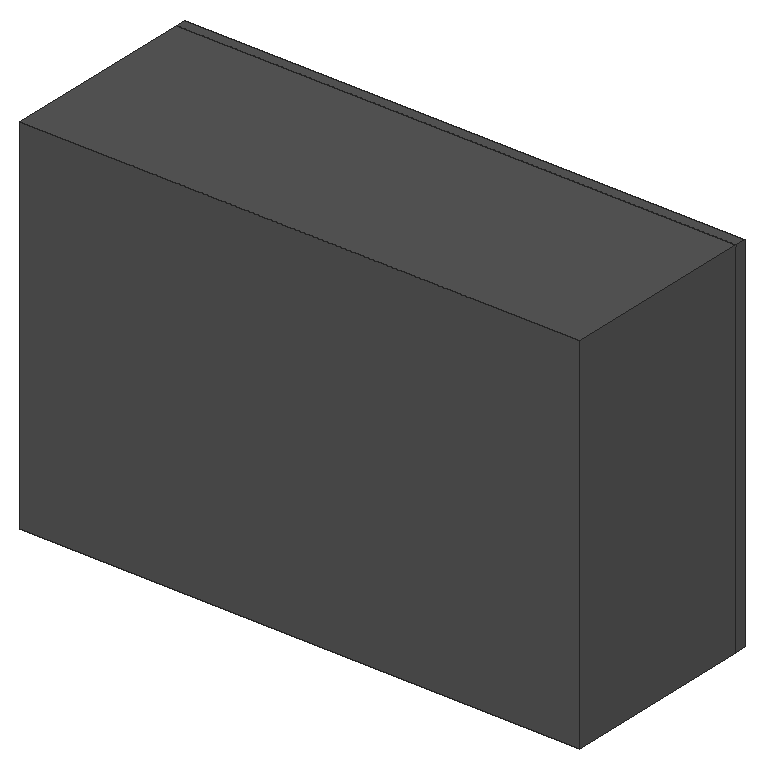
Revit family "ERA_LF_WR_LPR-021", category Осветительные приборы, Revit 2019 (continued)
Types (16, lengths in mm): name | Photometric Web File | Lumens | built-in parameter 1150142 | built-in parameter 1150107 | Emit from Rectangle Width | Emit from Rectangle Length | _УГО_Ширина | _УГО_Длина | _УГО_Диаметр | _Корпус_Ширина | _Корпус_Длина | _Корпус_Высота | URL | ADSK_Размер_Ширина | ADSK_Размер_Длина | ADSK_Полная мощность | ADSK_Номинальная мощность | ADSK_Масса | ADSK_Марка | ADSK_Размер_Высота | ADSK_Обозначение | ADSK_Наименование
  LPR-021-0-65K-020, LED, IP65, 125х75х35 мм (ДхШхВ), 20 Вт, 6500 К, 1160 лм, класс защиты I, в комплекте (линейный ac/dc без гальваничесокй развязки) | "LPR-021-0-65K-020.ies" | 1160 lm | "IESNA:LM-63-1995\r\n[DATA] 28.01.2020\r\n[MANUFAC]??РА\r\n[LUMCAT] \r\n[LUMINAIRE]  LPR-021-0-65K-020 ЭРА\r\n[LAMP] Светодиодный модуль\r\nTILT=NONE\r\n1 1350 1.1601 91 2 1 2 0.136 0.188 0.053\r\n1 1 16.021\r\n0 1 2 3 4 5 6 7 8 9 10 11 12 13 14 15 16 17 18 19 20 21 22 23 24 25 26 27 28 29 30 31 32 33 34 35 36 37 38 39 40 41 42 43 44 45 46 47 48 49 50 51 52 53 54 55 56 57 58 59 60 61 62 63 64 65 66 67 68 69 70 71 72 73 74 75 76 77 78 79 80 81 82 83 84 85 86 87 88 89 90 \r\n0 90 \r\n377.3 377.2 377.1 376.7 376.7 375.9 374.9 374.4 373 371.9 370.7 369.4 368.2 366.8 364.9 363.6 361.7 359.3 357.1 355.3 353.5 351.3 348.4 345.5 342.7 340.2 337.4 334.2 330.8 327.5 324 320.9 317.3 313.6 309.8 305.8 301.7 297.4 292.8 288.2 283.3 278.4 273.4 267.8 262.5 257 251.4 245.6 239.5 233.2 226.7 220.2 213.7 207.1 200.6 194 186.8 179.2 171.4 163.5 155.8 148 140.1 131.6 122.6 112.9 102.6 92.2 82.6 74 65.9 57.4 48.9 40.8 33.6 27.1 21 15.7 11.3 7.7 5.1 3.4 2.2 1.6 0 0 0 0 0 0 0\r\n377.3 377.2 377.1 376.7 376.7 375.9 374.9 374.4 373 371.9 370.7 369.4 368.2 366.8 364.9 363.6 361.7 359.3 357.1 355.3 353.5 351.3 348.4 345.5 342.7 340.2 337.4 334.2 330.8 327.5 324 320.9 317.3 313.6 309.8 305.8 301.7 297.4 292.8 288.2 283.3 278.4 273.4 267.8 262.5 257 251.4 245.6 239.5 233.2 226.7 220.2 213.7 207.1 200.6 194 186.8 179.2 171.4 163.5 155.8 148 140.1 131.6 122.6 112.9 102.6 92.2 82.6 74 65.9 57.4 48.9 40.8 33.6 27.1 21 15.7 11.3 7.7 5.1 3.4 2.2 1.6 0 0 0 0 0 0 0\r\n" | 6500 (stored number, unit not read) | 75.00 | 125.00 | 1.00 | 1.25 | 1.25 | 75.00 | 125.00 | 35.00 | "https://www.eraworld.ru/catalog/2648973" | 75.00 | 125.00 | 22.2222 VA | 20 W | 0.191 | "LPR-021-0-65K-020" | 35.00 | "LPR-021-0-65K-020" | "Светильник, LED, прямоугольный, настенный, IP65, 125х75х35 мм (ДхШхВ), 20 Вт, 6500 К, 1160 лм, класс защиты I, в комплекте (линейный ac/dc без гальваничесокй развязки)"
  LPR-021-0-65K-030, LED, IP65, 139х104х35 мм (ДхШхВ), 30 Вт, 6500 К, 2200 лм, класс защиты I, в комплекте (линейный ac/dc без гальваничесокй развязки) | "LPR-021-0-65K-030.ies" | 2200 lm | "IESNA:LM-63-1995\r\n[DATA] 28.01.2020\r\n[MANUFAC]??РА\r\n[LUMCAT] \r\n[LUMINAIRE]  LPR-021-0-65K-030\r\n[LAMP] Светодиодный модуль\r\nTILT=NONE\r\n1 2500 2.207  91 2 1 2 0.104 0.139 0.035\r\n1 1 25.01\r\n0 1 2 3 4 5 6 7 8 9 10 11 12 13 14 15 16 17 18 19 20 21 22 23 24 25 26 27 28 29 30 31 32 33 34 35 36 37 38 39 40 41 42 43 44 45 46 47 48 49 50 51 52 53 54 55 56 57 58 59 60 61 62 63 64 65 66 67 68 69 70 71 72 73 74 75 76 77 78 79 80 81 82 83 84 85 86 87 88 89 90 \r\n0 90 \r\n377.3 377.2 377.1 376.7 376.7 375.9 374.9 374.4 373 371.9 370.7 369.4 368.2 366.8 364.9 363.6 361.7 359.3 357.1 355.3 353.5 351.3 348.4 345.5 342.7 340.2 337.4 334.2 330.8 327.5 324 320.9 317.3 313.6 309.8 305.8 301.7 297.4 292.8 288.2 283.3 278.4 273.4 267.8 262.5 257 251.4 245.6 239.5 233.2 226.7 220.2 213.7 207.1 200.6 194 186.8 179.2 171.4 163.5 155.8 148 140.1 131.6 122.6 112.9 102.6 92.2 82.6 74 65.9 57.4 48.9 40.8 33.6 27.1 21 15.7 11.3 7.7 5.1 3.4 2.2 1.6 0 0 0 0 0 0 0\r\n377.3 377.2 377.1 376.7 376.7 375.9 374.9 374.4 373 371.9 370.7 369.4 368.2 366.8 364.9 363.6 361.7 359.3 357.1 355.3 353.5 351.3 348.4 345.5 342.7 340.2 337.4 334.2 330.8 327.5 324 320.9 317.3 313.6 309.8 305.8 301.7 297.4 292.8 288.2 283.3 278.4 273.4 267.8 262.5 257 251.4 245.6 239.5 233.2 226.7 220.2 213.7 207.1 200.6 194 186.8 179.2 171.4 163.5 155.8 148 140.1 131.6 122.6 112.9 102.6 92.2 82.6 74 65.9 57.4 48.9 40.8 33.6 27.1 21 15.7 11.3 7.7 5.1 3.4 2.2 1.6 0 0 0 0 0 0 0\r\n" | 6500 (stored number, unit not read) | 104.00 | 139.00 | 1.04 | 1.39 | 1.39 | 104.00 | 139.00 | 35.00 | "https://www.eraworld.ru/catalog/2648976" | 104.00 | 139.00 | 33.3333 VA | 30 W | 0.273 | "LPR-021-0-65K-030" | 35.00 | "LPR-021-0-65K-030" | "Светильник, LED, прямоугольный, настенный, IP65, 139х104х35 мм (ДхШхВ), 30 Вт, 6500 К, 2200 лм, класс защиты I, в комплекте (линейный ac/dc без гальваничесокй развязки)"
  LPR-021-0-65K-050, LED, IP65, 183х131х36 мм (ДхШхВ), 50 Вт, 6500 К, 3200 лм, класс защиты I, в комплекте (линейный ac/dc без гальваничесокй развязки) | "LPR-021-0-65K-050.ies" | 3200 lm | "IESNA:LM-63-1995\r\n[DATA] 28.01.2020\r\n[MANUFAC]  ЭРА\r\n[LUMCAT] \r\n[LUMINAIRE] LPR-021-0-65K-050\r\n[LAMP] Светодиодный модуль\r\nTILT=NONE\r\n1 3700 3.221 91 2 1 2 0.131 0.183 0.036\r\n1 1 34.84\r\n0 1 2 3 4 5 6 7 8 9 10 11 12 13 14 15 16 17 18 19 20 21 22 23 24 25 26 27 28 29 30 31 32 33 34 35 36 37 38 39 40 41 42 43 44 45 46 47 48 49 50 51 52 53 54 55 56 57 58 59 60 61 62 63 64 65 66 67 68 69 70 71 72 73 74 75 76 77 78 79 80 81 82 83 84 85 86 87 88 89 90 \r\n0 90 \r\n377.3 377.2 377.1 376.7 376.7 375.9 374.9 374.4 373 371.9 370.7 369.4 368.2 366.8 364.9 363.6 361.7 359.3 357.1 355.3 353.5 351.3 348.4 345.5 342.7 340.2 337.4 334.2 330.8 327.5 324 320.9 317.3 313.6 309.8 305.8 301.7 297.4 292.8 288.2 283.3 278.4 273.4 267.8 262.5 257 251.4 245.6 239.5 233.2 226.7 220.2 213.7 207.1 200.6 194 186.8 179.2 171.4 163.5 155.8 148 140.1 131.6 122.6 112.9 102.6 92.2 82.6 74 65.9 57.4 48.9 40.8 33.6 27.1 21 15.7 11.3 7.7 5.1 3.4 2.2 1.6 0 0 0 0 0 0 0\r\n377.3 377.2 377.1 376.7 376.7 375.9 374.9 374.4 373 371.9 370.7 369.4 368.2 366.8 364.9 363.6 361.7 359.3 357.1 355.3 353.5 351.3 348.4 345.5 342.7 340.2 337.4 334.2 330.8 327.5 324 320.9 317.3 313.6 309.8 305.8 301.7 297.4 292.8 288.2 283.3 278.4 273.4 267.8 262.5 257 251.4 245.6 239.5 233.2 226.7 220.2 213.7 207.1 200.6 194 186.8 179.2 171.4 163.5 155.8 148 140.1 131.6 122.6 112.9 102.6 92.2 82.6 74 65.9 57.4 48.9 40.8 33.6 27.1 21 15.7 11.3 7.7 5.1 3.4 2.2 1.6 0 0 0 0 0 0 0\r\n" | 6500 (stored number, unit not read) | 131.00 | 183.00 | 1.31 | 1.83 | 1.83 | 131.00 | 183.00 | 36.00 | "https://www.eraworld.ru/catalog/2648979" | 131.00 | 183.00 | 55.5556 VA | 50 W | 0.435 | "LPR-021-0-65K-050" | 36.00 | "LPR-021-0-65K-050" | "Светильник, LED, прямоугольный, настенный, IP65, 183х131х36 мм (ДхШхВ), 50 Вт, 6500 К, 3200 лм, класс защиты I, в комплекте (линейный ac/dc без гальваничесокй развязки)"
  LPR-021-0-65K-070, LED, IP65, 217х165х36 мм (ДхШхВ), 70 Вт, 6500 К, 5300 лм, класс защиты I, в комплекте (линейный ac/dc без гальваничесокй развязки) | "LPR-021-0-65K-070.ies" | 5300 lm | "IESNA:LM-63-1995\r\n[DATA] 28.01.2020\r\n[MANUFAC]??РА\r\n[LUMCAT] \r\n[LUMINAIRE]  LPR-021-0-65K-070\r\n[LAMP] Светодиодный модуль\r\nTILT=NONE\r\n1 6000 5.231 91 2 1 2 0.165  0.217 0.036\r\n1 1 55.82\r\n0 1 2 3 4 5 6 7 8 9 10 11 12 13 14 15 16 17 18 19 20 21 22 23 24 25 26 27 28 29 30 31 32 33 34 35 36 37 38 39 40 41 42 43 44 45 46 47 48 49 50 51 52 53 54 55 56 57 58 59 60 61 62 63 64 65 66 67 68 69 70 71 72 73 74 75 76 77 78 79 80 81 82 83 84 85 86 87 88 89 90 \r\n0 90 \r\n377.3 377.2 377.1 376.7 376.7 375.9 374.9 374.4 373 371.9 370.7 369.4 368.2 366.8 364.9 363.6 361.7 359.3 357.1 355.3 353.5 351.3 348.4 345.5 342.7 340.2 337.4 334.2 330.8 327.5 324 320.9 317.3 313.6 309.8 305.8 301.7 297.4 292.8 288.2 283.3 278.4 273.4 267.8 262.5 257 251.4 245.6 239.5 233.2 226.7 220.2 213.7 207.1 200.6 194 186.8 179.2 171.4 163.5 155.8 148 140.1 131.6 122.6 112.9 102.6 92.2 82.6 74 65.9 57.4 48.9 40.8 33.6 27.1 21 15.7 11.3 7.7 5.1 3.4 2.2 1.6 0 0 0 0 0 0 0\r\n377.3 377.2 377.1 376.7 376.7 375.9 374.9 374.4 373 371.9 370.7 369.4 368.2 366.8 364.9 363.6 361.7 359.3 357.1 355.3 353.5 351.3 348.4 345.5 342.7 340.2 337.4 334.2 330.8 327.5 324 320.9 317.3 313.6 309.8 305.8 301.7 297.4 292.8 288.2 283.3 278.4 273.4 267.8 262.5 257 251.4 245.6 239.5 233.2 226.7 220.2 213.7 207.1 200.6 194 186.8 179.2 171.4 163.5 155.8 148 140.1 131.6 122.6 112.9 102.6 92.2 82.6 74 65.9 57.4 48.9 40.8 33.6 27.1 21 15.7 11.3 7.7 5.1 3.4 2.2 1.6 0 0 0 0 0 0 0\r\n" | 6500 (stored number, unit not read) | 165.00 | 217.00 | 1.65 | 2.17 | 2.17 | 165.00 | 217.00 | 36.00 | "https://www.eraworld.ru/catalog/2648980" | 165.00 | 217.00 | 77.7778 VA | 70 W | 0.645 | "LPR-021-0-65K-070" | 36.00 | "LPR-021-0-65K-070" | "Светильник, LED, прямоугольный, настенный, IP65, 217х165х36 мм (ДхШхВ), 70 Вт, 6500 К, 5300 лм, класс защиты I, в комплекте (линейный ac/dc без гальваничесокй развязки)"
  LPR-021-0-65K-100, LED, IP65, 251х183х36 мм (ДхШхВ), 100 Вт, 6500 К, 6100 лм, класс защиты I, в комплекте (линейный ac/dc без гальваничесокй развязки) | "LPR-021-0-65K-100.ies" | 6100 lm | "IESNA:LM-63-1995\r\n[DATA] 08.07.2019\r\n[MANUFAC]??РА\r\n[LUMCAT] \r\n[LUMINAIRE]  LPR-021-0-65K-100 \r\n[LAMP] Светодиодный модуль\r\nTILT=NONE\r\n1 7000 6.101 181 13 1 2 0.183 0.251 0.036\r\n1 1 72.01\r\n0 1 2 3 4 5 6 7 8 9 10 11 12 13 14 15 16 17 18 19 20 21 22 23 24 25 26 27 28 29 30 31 32 33 34 35 36 37 38 39 40 41 42 43 44 45 46 47 48 49 50 51 52 53 54 55 56 57 58 59 60 61 62 63 64 65 66 67 68 69 70 71 72 73 74 75 76 77 78 79 80 81 82 83 84 85 86 87 88 89 90 91 92 93 94 95 96 97 98 99 100 101 102 103 104 105 106 107 108 109 110 111 112 113 114 115 116 117 118 119 120 121 122 123 124 125 126 127 128 129 130 131 132 133 134 135 136 137 138 139 140 141 142 143 144 145 146 147 148 149 150 151 152 153 154 155 156 157 158 159 160 161 162 163 164 165 166 167 168 169 170 171 172 173 174 175 176 177 178 179 180 \r\n0 30 60 90 120 150 180 210 240 270 300 330 360 \r\n358.2 359.4 357.4 358.5 358.2 356.8 356.6 356.1 354.7 353.9 353.6 352.2 351.8 350.3 348.8 347.1 345.2 344 342.2 339.6 338.3 336.1 333.6 331.9 329.3 326.7 324.2 321.4 318.3 316 312.8 309.3 306 302.5 298.9 294.8 291.5 287.3 283.1 279.2 274.2 269.8 264.9 258.8 254.2 249.8 244.4 238.8 233.1 227.4 221.7 215.6 209.4 203.4 197.8 191.6 184.4 177.8 171.7 164.5 157.5 150.2 142.4 135 127 119.2 112.2 103.9 95.4 87 77.9 69.2 61.2 53.4 45.3 38.2 31.3 25.1 19.6 14.9 10.9 7.8 5.3 3.6 2.6 2.1 1.9 1.8 1.7 1.7 1.7 1.8 1.9 1.9 1.9 1.8 1.8 1.7 1.7 1.7 1.7 1.6 1.6 1.6 1.5 1.5 1.7 1.7 1.7 1.7 1.7 1.7 1.7 1.7 1.7 1.7 1.7 1.7 1.8 1.8 1.9 1.9 1.9 1.9 1.9 1.9 1.9 1.9 1.9 1.9 1.9 1.9 1.9 1.9 1.9 1.9 1.9 1.9 1.8 1.9 1.9 1.9 1.9 1.9 1.9 1.9 1.9 1.9 2.1 2.1 2.1 2.4 2.6 2.6 2.6 2.8 2.8 2.8 2.8 2.8 2.8 2.8 2.8 2.8 2.8 2.8 2.8 0 0 0 0 0 0 0 0 0 0 0 0 0 0\r\n358.2 359.1 358.2 357.8 356 357.6 355.8 356 355.2 353.9 354.1 352.2 351.2 350.3 349.2 347.2 346.1 343.9 342.6 339.7 339.1 336.4 333.3 330.9 329 327.1 324.6 322 318.9 315.9 312.5 308.8 305.1 301.4 298 295 291.7 287.3 282.3 278.4 275 270.3 264.9 260.5 255.9 249.9 244.8 239.7 233.3 227.9 222 215.9 209.8 203.3 197.1 190.7 184.5 178.2 171.6 164.8 158 151 143.9 137.1 129.6 122.3 114.8 106.8 99.3 91.8 83.9 75.8 67.8 59.5 51.4 44 36.9 30.3 24.3 18.7 14.1 10.1 6.9 4.6 2.9 1.8 1.4 1.3 0 0 0 0 0 0 0 0 0 0 0 1 1.3 1.2 1.3 1.3 1.3 1.3 1.3 1.3 1.3 1.3 1.3 1.4 1.4 1.5 1.5 1.5 1.5 1.5 1.5 1.5 1.6 1.5 1.6 1.6 1.7 1.7 1.7 1.7 1.7 1.7 1.7 1.7 1.7 1.7 1.7 1.7 1.8 1.9 1.9 1.9 1.9 1.9 1.9 1.9 1.9 2 2 2.1 2.1 2.1 0 0 0 0 0 0 0 0 0 0 0 0 0 0 0 0 0 0 0 0 0 0 0 0 0 0 0 0 0 0 0\r\n358.2 359.1 361.2 357.9 357.6 356.6 356.6 355.3 355.1 353.3 352.8 352.3 350.8 349 348.3 346.8 345 343.1 341.4 339.7 336.9 335.8 332.6 331.1 329.4 325.9 322.4 319.9 317.2 314.5 311.5 308.1 304.7 300.9 296.9 292.9 288.7 284.6 280.7 276.9 273 268.4 263.2 257.9 253 248.5 243.6 238.3 232.2 226.7 221.5 216.5 210.5 204.2 198.7 192.5 185.8 179.5 172.8 165.5 159 151.7 144.2 137.2 129.3 121.2 113 104.9 97.5 89.8 82.3 74.4 66 58 50.5 43 35.9 29.3 23.3 17.7 12.8 8.8 5.7 3.5 2.1 1.7 1.5 1.3 1.1 0 0 0 0 0 0 0 0 1.3 1.3 1.3 1.3 1.3 1.3 1.3 1.3 1.3 1.4 1.5 1.5 1.5 1.5 1.5 1.5 1.5 1.6 1.6 1.7 1.7 1.7 1.7 1.7 1.7 1.7 1.7 1.8 1.9 1.9 1.9 1.9 1.9 1.9 1.9 1.9 1.9 1.9 1.9 1.9 1.9 1.9 2 1.9 1.9 1.9 2 1.9 2 2.1 2 2.1 2.1 2.1 2.1 2.1 1.3 0 0 0 0 0 0 0 0 0 0 0 0 0 0 0 0 0 0 0 0 0 0 0 0 0 0 0\r\n358.2 356.2 358.3 357.8 356.3 356.3 355.9 354.7 353.5 353 352 351.3 349.8 348.5 346.7 346.3 343.6 341.3 339.8 338 336.3 333.9 331.5 328.9 326.6 324.5 322.6 319.4 315.3 312.4 310.2 305.8 302.1 299.3 294.9 290.8 287.5 282.8 278.9 274.7 269.9 265.9 260.8 256.4 251.5 246.6 242.2 236.9 232.3 226.6 221.3 215.7 209.7 204.1 197.5 191.6 185 178.5 171.9 164.7 158.1 150.3 142.2 134.6 126.8 119.5 112 104.3 96.8 88 79 70.9 62.8 54.6 47.2 39.6 32.7 26.3 20.4 15.3 10.8 7.2 4.5 2.9 2 1.8 1.5 1.4 1.3 0 0 0 0 0 0 0 0 0 0 0 0 0 1 1.2 1.3 1.3 1.3 1.3 1.3 1.3 1.3 1.3 1.3 1.3 1.4 1.4 1.4 1.5 1.5 1.5 1.5 1.5 1.5 1.5 1.5 1.5 1.5 1.5 0 0 0 0 0 0 0 0 0 0 0 0 0 0 0 0 0 0 0 0 0 0 0 0 0 0 0 0 0 0 0 0 0 0 0 0 0 0 0 0 0 0 0 0 0 0 0 0 0 0 0 0 0\r\n358.2 359.1 361.2 357.9 357.6 356.6 356.6 355.3 355.1 353.3 352.8 352.3 350.8 349 348.3 346.8 345 343.1 341.4 339.7 336.9 335.8 332.6 331.1 329.4 325.9 322.4 319.9 317.2 314.5 311.5 308.1 304.7 300.9 296.9 292.9 288.7 284.6 280.7 276.9 273 268.4 263.2 257.9 253 248.5 243.6 238.3 232.2 226.7 221.5 216.5 210.5 204.2 198.7 192.5 185.8 179.5 172.8 165.5 159 151.7 144.2 137.2 129.3 121.2 113 104.9 97.5 89.8 82.3 74.4 66 58 50.5 43 35.9 29.3 23.3 17.7 12.8 8.8 5.7 3.5 2.1 1.7 1.5 1.3 1.1 0 0 0 0 0 0 0 0 1.3 1.3 1.3 1.3 1.3 1.3 1.3 1.3 1.3 1.4 1.5 1.5 1.5 1.5 1.5 1.5 1.5 1.6 1.6 1.7 1.7 1.7 1.7 1.7 1.7 1.7 1.7 1.8 1.9 1.9 1.9 1.9 1.9 1.9 1.9 1.9 1.9 1.9 1.9 1.9 1.9 1.9 2 1.9 1.9 1.9 2 1.9 2 2.1 2 2.1 2.1 2.1 2.1 2.1 1.3 0 0 0 0 0 0 0 0 0 0 0 0 0 0 0 0 0 0 0 0 0 0 0 0 0 0 0\r\n358.2 359.1 358.2 357.8 356 357.6 355.8 356 355.2 353.9 354.1 352.2 351.2 350.3 349.2 347.2 346.1 343.9 342.6 339.7 339.1 336.4 333.3 330.9 329 327.1 324.6 322 318.9 315.9 312.5 308.8 305.1 301.4 298 295 291.7 287.3 282.3 278.4 275 270.3 264.9 260.5 255.9 249.9 244.8 239.7 233.3 227.9 222 215.9 209.8 203.3 197.1 190.7 184.5 178.2 171.6 164.8 158 151 143.9 137.1 129.6 122.3 114.8 106.8 99.3 91.8 83.9 75.8 67.8 59.5 51.4 44 36.9 30.3 24.3 18.7 14.1 10.1 6.9 4.6 2.9 1.8 1.4 1.3 0 0 0 0 0 0 0 0 0 0 0 1 1.3 1.2 1.3 1.3 1.3 1.3 1.3 1.3 1.3 1.3 1.3 1.4 1.4 1.5 1.5 1.5 1.5 1.5 1.5 1.5 1.6 1.5 1.6 1.6 1.7 1.7 1.7 1.7 1.7 1.7 1.7 1.7 1.7 1.7 1.7 1.7 1.8 1.9 1.9 1.9 1.9 1.9 1.9 1.9 1.9 2 2 2.1 2.1 2.1 0 0 0 0 0 0 0 0 0 0 0 0 0 0 0 0 0 0 0 0 0 0 0 0 0 0 0 0 0 0 0\r\n358.2 358.3 358.3 357.8 357.3 356.5 356.5 355.8 354.3 353.5 353.4 352.5 350.7 348.4 346.7 345.9 345.1 343.8 342 339.6 336.8 334.1 331.5 329.4 327.4 325.4 323.4 320.7 317.7 314.5 310.8 306.9 303.2 299.7 296.5 293.2 289.9 286.1 281.9 277.4 272.4 267.1 261.8 256.8 251.8 247.1 242.2 237.2 231.7 226.3 220.7 214.9 209 203 196.7 190.5 184.6 178.4 172.1 165.2 157.9 150 142.3 134.7 127.5 120.4 112.9 104.3 95.3 86.8 78.2 69.6 61.4 53.8 45.9 38.8 32.2 26.1 20.6 15.6 11.3 7.9 4.9 2.9 1.6 1 0 0 0 0 0 0 0 0 0 0 0 0 0 0 0 0 0 0 0 0 0 0 0 0 0 0 0 0 1.2 1.2 1.3 1.2 1.3 1.3 1.3 1.3 1.3 1.3 1.3 1.3 1.3 1.4 1.5 1.5 1.5 1.5 1.5 1.5 1.5 1.5 1.5 1.5 1.5 1.5 1.5 1.5 1.5 1.7 1.7 0 0 0 0 0 0 0 0 0 0 0 0 0 0 0 0 0 0 0 0 0 0 0 0 0 0 0 0 0 0 0 0 0 0 0 0\r\n358.2 357.8 358.5 358.6 357.1 356.1 356.5 356.6 354.7 353.3 353 353 351.9 349.8 347.7 346.4 345.2 344.1 342.8 341.3 339.5 337.4 335.2 332.8 330.5 327.9 325.3 322.6 319.7 316.7 313.6 310.4 307 303.5 299.9 296.1 292.3 288.1 284 279.5 275 270 265 259.8 254.8 249.5 244.4 239.3 233.9 227.9 221.5 215 208.8 202.8 197 191.2 184.7 177.7 170.9 164.3 157.8 150.8 143.2 135.7 128.6 121.1 113 105.7 98.6 89.8 81.2 73.2 64.5 55.7 48 40.1 32.8 26.3 19.8 14.6 10.1 6.8 4.3 2.7 1.9 1.6 1.5 1.3 1.3 1.3 1.3 1.2 1.3 1.3 1.2 1.3 1.3 1.3 1.3 1.3 1.3 1.3 1.3 1.3 1.3 1.3 1.3 1.3 1.3 1.3 1.3 1.4 1.4 1.5 1.5 1.5 1.5 1.5 1.5 1.5 1.5 1.5 1.5 1.6 1.7 1.7 1.7 1.7 1.7 1.7 1.7 1.7 1.7 1.8 1.9 1.9 1.8 1.8 1.7 1.7 1.7 1.7 0 0 0 0 0 0 0 0 0 0 0 0 0 0 0 0 0 0 0 0 0 0 0 0 0 0 0 0 0 0 0 0 0 0 0 0 0 0 0\r\n358.2 357.3 357.7 357.7 357.2 356.9 356.2 355.6 355 353.8 353.3 351.8 351 349.4 348.3 346.6 345.2 343.5 342.1 340.1 338.4 336.1 334.3 331.6 329.5 326.4 324.2 321 318.3 315.2 311.8 309.1 304.9 301.8 298.2 293.8 290.5 286 281.6 278 273.2 268.5 264.5 259.3 254 249.4 243.9 238.2 233.4 227.7 221.9 217 211 205.3 199.5 192.9 186.9 179.5 172.8 165.3 158.2 150.8 143.3 135.5 127.2 118.8 109.7 101.7 93.6 85.5 76 66.5 58.2 49.7 41.8 34.2 27.5 21.2 15.6 10.7 6.8 4.3 2.6 1.7 1.5 1.2 0 0 0 0 0 0 0 0 0 0 0 0 0 0 0 0 0 0 0 0 0 0 0 0 0 0 0 0 1 1.1 1.2 1.3 1.3 1.3 0 0 0 0 0 0 0 0 0 0 0 0 0 0 0 0 0 0 0 0 0 0 0 0 0 0 0 0 0 0 0 0 0 0 0 0 0 0 0 0 0 0 0 0 0 0 0 0 0 0 0 0 0 0 0 0 0 0 0 0 0\r\n358.2 357.6 357.4 357.3 356.9 356.4 356 355.2 354.6 353.6 352.6 351.6 350.3 349.3 347.7 346.4 344.8 343.1 341.4 339.4 337.5 335.4 333.2 330.8 328.3 325.8 322.9 320 316.9 313.7 310.4 306.9 303.4 299.8 296 292.2 288.1 284.1 279.9 275.6 271.2 266.6 262.1 257.3 252.5 247.8 243 238.1 233.2 227.9 222.4 216.7 210.9 204.5 198.4 191.7 185.6 178.6 171.7 164 156.7 148.3 140 131.2 123.5 115.3 107.1 97.9 87.6 78.3 69.6 60.5 52.1 44.1 36.6 29.5 23.2 17.6 12.7 8.8 5.7 3.7 2.7 2.1 1.9 1.7 1.5 1.5 1.4 1.4 1.4 1.4 1.5 1.5 1.5 1.5 1.5 1.5 1.5 1.5 1.5 1.5 1.5 1.5 1.5 1.5 1.6 1.6 1.5 1.6 1.7 1.6 1.6 1.6 1.7 1.7 1.7 1.7 1.7 1.7 1.7 1.7 1.6 1.6 1.6 1.6 1.5 1.5 1.5 1.5 1.5 1.6 0 0 0 0 0 0 0 0 0 0 0 0 0 0 0 0 0 0 0 0 0 0 0 0 0 0 0 0 0 0 0 0 0 0 0 0 0 0 0 0 0 0 0 0 0 0 0 0 0\r\n358.2 357.3 357.7 357.7 357.2 356.9 356.2 355.6 355 353.8 353.3 351.8 351 349.4 348.3 346.6 345.2 343.5 342.1 340.1 338.4 336.1 334.3 331.6 329.5 326.4 324.2 321 318.3 315.2 311.8 309.1 304.9 301.8 298.2 293.8 290.5 286 281.6 278 273.2 268.5 264.5 259.3 254 249.4 243.9 238.2 233.4 227.7 221.9 217 211 205.3 199.5 192.9 186.9 179.5 172.8 165.3 158.2 150.8 143.3 135.5 127.2 118.8 109.7 101.7 93.6 85.5 76 66.5 58.2 49.7 41.8 34.2 27.5 21.2 15.6 10.7 6.8 4.3 2.6 1.7 1.5 1.2 0 0 0 0 0 0 0 0 0 0 0 0 0 0 0 0 0 0 0 0 0 0 0 0 0 0 0 0 1 1.1 1.2 1.3 1.3 1.3 0 0 0 0 0 0 0 0 0 0 0 0 0 0 0 0 0 0 0 0 0 0 0 0 0 0 0 0 0 0 0 0 0 0 0 0 0 0 0 0 0 0 0 0 0 0 0 0 0 0 0 0 0 0 0 0 0 0 0 0 0\r\n358.2 357.8 358.5 358.6 357.1 356.1 356.5 356.6 354.7 353.3 353 353 351.9 349.8 347.7 346.4 345.2 344.1 342.8 341.3 339.5 337.4 335.2 332.8 330.5 327.9 325.3 322.6 319.7 316.7 313.6 310.4 307 303.5 299.9 296.1 292.3 288.1 284 279.5 275 270 265 259.8 254.8 249.5 244.4 239.3 233.9 227.9 221.5 215 208.8 202.8 197 191.2 184.7 177.7 170.9 164.3 157.8 150.8 143.2 135.7 128.6 121.1 113 105.7 98.6 89.8 81.2 73.2 64.5 55.7 48 40.1 32.8 26.3 19.8 14.6 10.1 6.8 4.3 2.7 1.9 1.6 1.5 1.3 1.3 1.3 1.3 1.2 1.3 1.3 1.2 1.3 1.3 1.3 1.3 1.3 1.3 1.3 1.3 1.3 1.3 1.3 1.3 1.3 1.3 1.3 1.3 1.4 1.4 1.5 1.5 1.5 1.5 1.5 1.5 1.5 1.5 1.5 1.5 1.6 1.7 1.7 1.7 1.7 1.7 1.7 1.7 1.7 1.7 1.8 1.9 1.9 1.8 1.8 1.7 1.7 1.7 1.7 0 0 0 0 0 0 0 0 0 0 0 0 0 0 0 0 0 0 0 0 0 0 0 0 0 0 0 0 0 0 0 0 0 0 0 0 0 0 0\r\n358.2 359.4 357.4 358.5 358.2 356.8 356.6 356.1 354.7 353.9 353.6 352.2 351.8 350.3 348.8 347.1 345.2 344 342.2 339.6 338.3 336.1 333.6 331.9 329.3 326.7 324.2 321.4 318.3 316 312.8 309.3 306 302.5 298.9 294.8 291.5 287.3 283.1 279.2 274.2 269.8 264.9 258.8 254.2 249.8 244.4 238.8 233.1 227.4 221.7 215.6 209.4 203.4 197.8 191.6 184.4 177.8 171.7 164.5 157.5 150.2 142.4 135 127 119.2 112.2 103.9 95.4 87 77.9 69.2 61.2 53.4 45.3 38.2 31.3 25.1 19.6 14.9 10.9 7.8 5.3 3.6 2.6 2.1 1.9 1.8 1.7 1.7 1.7 1.8 1.9 1.9 1.9 1.8 1.8 1.7 1.7 1.7 1.7 1.6 1.6 1.6 1.5 1.5 1.7 1.7 1.7 1.7 1.7 1.7 1.7 1.7 1.7 1.7 1.7 1.7 1.8 1.8 1.9 1.9 1.9 1.9 1.9 1.9 1.9 1.9 1.9 1.9 1.9 1.9 1.9 1.9 1.9 1.9 1.9 1.9 1.8 1.9 1.9 1.9 1.9 1.9 1.9 1.9 1.9 1.9 2.1 2.1 2.1 2.4 2.6 2.6 2.6 2.8 2.8 2.8 2.8 2.8 2.8 2.8 2.8 2.8 2.8 2.8 2.8 0 0 0 0 0 0 0 0 0 0 0 0 0 0\r\n" | 6500 (stored number, unit not read) | 183.00 | 251.00 | 1.83 | 2.51 | 2.51 | 183.00 | 251.00 | 36.00 | "https://www.eraworld.ru/catalog/2648981" | 183.00 | 251.00 | 111.111 VA | 100 W | 0.84 | "LPR-021-0-65K-100" | 36.00 | "LPR-021-0-65K-100" | "Светильник, LED, прямоугольный, настенный, IP65, 251х183х36 мм (ДхШхВ), 100 Вт, 6500 К, 6100 лм, класс защиты I, в комплекте (линейный ac/dc без гальваничесокй развязки)"
  LPR-021-0-65K-150, LED, IP65, 330х270х47 мм (ДхШхВ), 150 Вт, 6500 К, 14800 лм, класс защиты I, в комплекте (линейный ac/dc без гальваничесокй развязки) | "LPR-021-0-65K-150.ies" | 14800 lm | "IESNA:LM-63-1995\r\n[DATA] 10.06.2020\r\n[MANUFAC]??РА\r\n[LUMCAT] LPR-021-0-65K-150_\r\n[LUMINAIRE] Прожектор\r\n[LAMP] Светодиодный модуль\r\nTILT=NONE\r\n1 14812 14.812 91 1 1 2 0.27 0.33 0.04\r\n1 1 148.81\r\n0 1 2 3 4 5 6 7 8 9 10 11 12 13 14 15 16 17 18 19 20 21 22 23 24 25 26 27 28 29 30 31 32 33 34 35 36 37 38 39 40 41 42 43 44 45 46 47 48 49 50 51 52 53 54 55 56 57 58 59 60 61 62 63 64 65 66 67 68 69 70 71 72 73 74 75 76 77 78 79 80 81 82 83 84 85 86 87 88 89 90 \r\n0\r\n346.6 346.6 346.4 346 346.1 345.7 345.3 344.7 343.9 343.3 342.4 341.3 340.4 339.2 338 336.6 335.2 333.6 331.9 330.1 328.4 326.4 324.3 322.3 319.9 317.6 315.2 312.7 309.8 307.2 304.3 301.3 298.2 294.9 291.6 288.2 284.6 281 277.2 273.2 269.1 265 260.7 256.3 251.7 247.1 242.3 237.3 232.3 227.1 221.7 216.2 210.6 204.7 199 193 186.8 180.5 174 167.4 160.8 153.9 146.9 139.9 132.9 125.7 118.3 111 103.5 96 88.5 80.5 72.5 64.5 56.6 48.9 41.4 34.3 27.8 21.8 16.5 11.9 8.1 5.2 3.3 2.2 1.6 1.4 1.3 1.1 1.1" | 6500 (stored number, unit not read) | 270.00 | 330.00 | 2.70 | 3.30 | 3.30 | 270.00 | 330.00 | 47.00 | "https://www.eraworld.ru/catalog/2648982" | 270.00 | 330.00 | 166.667 VA | 150 W | 1.983 | "LPR-021-0-65K-150" | 47.00 | "LPR-021-0-65K-150" | "Светильник, LED, прямоугольный, настенный, IP65, 330х270х47 мм (ДхШхВ), 150 Вт, 6500 К, 14800 лм, класс защиты I, в комплекте (линейный ac/dc без гальваничесокй развязки)"
  LPR-021-0-65K-200, LED, IP65, 390х330х50 мм (ДхШхВ), 200 Вт, 6500 К, 18800 лм, класс защиты I, в комплекте (линейный ac/dc без гальваничесокй развязки) | "LPR-021-0-65K-200.ies" | 18800 lm | "IESNA:LM-63-1995\r\n[DATA] 11.06.2020\r\n[MANUFAC]??РА\r\n[LUMCAT] LPR-021-0-65K-200_\r\n[LUMINAIRE] Прожектор\r\n[LAMP] Светодиодный модуль\r\nTILT=NONE\r\n1 18724 18.724 91 1 1 2 0.33 0.39 0.04\r\n1 1 199.47\r\n0 1 2 3 4 5 6 7 8 9 10 11 12 13 14 15 16 17 18 19 20 21 22 23 24 25 26 27 28 29 30 31 32 33 34 35 36 37 38 39 40 41 42 43 44 45 46 47 48 49 50 51 52 53 54 55 56 57 58 59 60 61 62 63 64 65 66 67 68 69 70 71 72 73 74 75 76 77 78 79 80 81 82 83 84 85 86 87 88 89 90 \r\n0\r\n344.8 345.2 345.4 345.6 345.7 345.8 345.2 345 344.3 343.8 343 342.1 341.3 340 338.9 337.7 336.3 334.7 333.3 331.6 329.9 327.9 326 323.9 321.6 319.3 316.9 314.5 311.8 309.1 306.3 303.4 300.3 297.2 293.9 290.5 286.9 283.4 279.6 275.6 271.7 267.4 263.1 258.8 254.3 249.7 244.8 239.9 234.8 229.7 224.3 218.8 213.2 207.5 201.5 195.4 189.3 182.9 176.3 169.7 163 156 148.9 141.9 134.5 127 119.5 111.7 103.7 95.5 87.4 79.1 70.9 62.7 54.9 47.2 40 33.1 26.8 21.1 16.1 11.7 8.1 5.3 3.4 2.2 1.6 1.3 1.1 1 0.9" | 6500 (stored number, unit not read) | 330.00 | 390.00 | 3.30 | 3.90 | 3.90 | 330.00 | 390.00 | 50.00 | "https://www.eraworld.ru/catalog/2648983" | 330.00 | 390.00 | 222.222 VA | 200 W | 3.48 | "LPR-021-0-65K-200" | 50.00 | "LPR-021-0-65K-200" | "Светильник, LED, прямоугольный, настенный, IP65, 390х330х50 мм (ДхШхВ), 200 Вт, 6500 К, 18800 лм, класс защиты I, в комплекте (линейный ac/dc без гальваничесокй развязки)"
